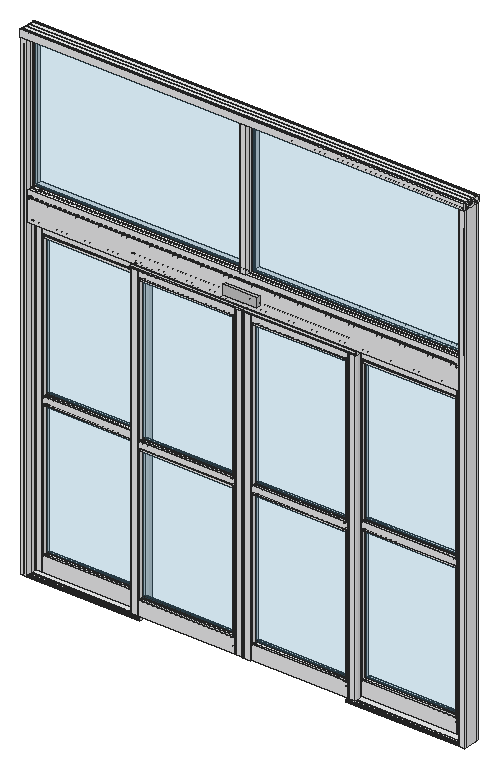
Revit family "2-6-11_Sliding-Door_TX9300SL_Bipart-Inside-Slide-w-Transom-SO-SX-SX-SO_Tormax", category Doors, host Wall, Revit 2026 (continued)
Definition of nested family "Door-Sliding-Tormax-Panel-SX_2.6"
  Automatic sketch dimensions
    Sweep 4 sketch curve to Sweep 4 sketch curve = 0' - 0"  (x5)
    Sweep 4 sketch curve to Sweep 4 sketch curve = 0' - 0.01301"  (x2)
    plane 1 "Center (Front/Back)" to Sweep 4 sketch curve = 0' - 0.6157"
    Sweep 4 sketch curve to Sweep 4 sketch curve = 0' - 0.04373"  (x2)
    Sweep 4 sketch curve to Sweep 4 sketch curve = 0' - 0.06431"  (x2)
    Sweep 4 sketch curve to Sweep 4 sketch curve = 0' - 0.05599"
    Sweep 4 sketch curve to Sweep 4 sketch curve = 0' - 0.05"  (x8)
    Sweep 4 sketch curve to Sweep 4 sketch curve = 0' - 0.13079"  (x2)
    Sweep 4 sketch curve to Sweep 4 sketch curve = 0' - 0.1438"  (x2)
    Sweep 4 sketch curve to Sweep 4 sketch curve = 0' - 0.0339"  (x2)
    Sweep 4 sketch curve to Sweep 4 sketch curve = 0' - 0.05017"  (x2)
    plane 1 "Center (Front/Back)" to Sweep 4 sketch curve = 0' - 0.49166"
    Sweep 4 sketch curve to Sweep 4 sketch curve = 0' - 0.12404"  (x2)
    Sweep 4 sketch curve to Sweep 4 sketch curve = 0' - 0.06616"  (x2)
    Sweep 4 sketch curve to Sweep 4 sketch curve = 0' - 0.08665"  (x3)
    Sweep 4 sketch curve to Sweep 4 sketch curve = 0' - 0.00586"  (x2)
    Sweep 4 sketch curve to Sweep 4 sketch curve = 0' - 0.0682"  (x2)
    Sweep 4 sketch curve to Sweep 4 sketch curve = 0' - 0.11234"
    Sweep 4 sketch curve to Sweep 4 sketch curve = 0' - 0.09942"  (x4)
    Sweep 4 sketch curve to Sweep 4 sketch curve = 0' - 0.04966"  (x4)
    Sweep 4 sketch curve to plane 1 "Center (Front/Back)" = 0' - 0.12483"
    Sweep 4 sketch curve to Sweep 4 sketch curve = 0' - 0.00209"  (x2)
    Sweep 4 sketch curve to Sweep 4 sketch curve = 0' - 0.03487"  (x4)
    plane 1 "Center (Front/Back)" to Sweep 4 sketch curve = 0' - 0.20955"  (x2)
    plane 1 "Center (Front/Back)" to Sweep 4 sketch curve = 0' - 0.07259"  (x2)
    Sweep 4 sketch curve to Sweep 4 sketch curve = 0' - 0.0719"  (x4)
    Sweep 4 sketch curve to plane 1 "Center (Front/Back)" = 0' - 0.07259"  (x2)
    Sweep 4 sketch curve to plane 1 "Center (Front/Back)" = 0' - 0.09459"  (x2)
    Sweep 4 sketch curve to Sweep 4 sketch curve = 0' - 0.02199"  (x4)
    plane 1 "Center (Front/Back)" to Sweep 4 sketch curve = 0' - 0.09459"  (x2)
    Sweep 4 sketch curve to Sweep 4 sketch curve = 0' - 0.06113"
    Sweep 4 sketch curve to plane 1 "Center (Front/Back)" = 0' - 0.20955"
    plane 1 "Center (Front/Back)" to Sweep 4 sketch curve = 0' - 0.12483"
    Sweep 4 sketch curve to Sweep 4 sketch curve = 0' - 0.06234"
    Sweep 4 sketch curve to Sweep 4 sketch curve = 0' - 0.03026"
    Sweep 4 sketch curve to Sweep 4 sketch curve = 0' - 0.14248"
    Sweep 4 sketch curve to Sweep 4 sketch curve = 0' - 0.09251"
    Sweep 4 sketch curve to Sweep 4 sketch curve = 0' - 0.13361"
    Sweep 4 sketch curve to plane 1 "Center (Front/Back)" = 0' - 0.25955"
    Sweep 4 sketch curve to Sweep 4 sketch curve = 0' - 0.11958"
    Sweep 4 sketch curve to Sweep 4 sketch curve = 0' - 0.14365"
    Sweep 4 sketch curve to Sweep 4 sketch curve = 0' - 0.19365"  (x3)
    Sweep 4 sketch curve to Sweep 4 sketch curve = 0' - 0.25378"  (x2)
    Sweep 4 sketch curve to Sweep 4 sketch curve = 0' - 0.4219"  (x2)
    Sweep 4 sketch curve to Sweep 4 sketch curve = 0' - 0.04971"  (x4)
    Sweep 4 sketch curve to Sweep 4 sketch curve = 0' - 0.08472"  (x5)
    Sweep 4 sketch curve to Sweep 4 sketch curve = 0' - 0.05012"  (x4)
    Sweep 4 sketch curve to Sweep 4 sketch curve = 0' - 0.06945"
    Sweep 4 sketch curve to Sweep 4 sketch curve = 0' - 0.06958"  (x2)
    plane 1 "Center (Front/Back)" to Sweep 4 sketch curve = 0' - 0.13997"  (x2)
    Sweep 4 sketch curve to Sweep 4 sketch curve = 0' - 0.04722"
    Sweep 4 sketch curve to Sweep 4 sketch curve = 0' - 0.02777"
    Sweep 4 sketch curve to Sweep 4 sketch curve = 0' - 0.04144"  (x2)
    Sweep 4 sketch curve to Sweep 4 sketch curve = 0' - 0.08847"
    Sweep 4 sketch curve to Sweep 4 sketch curve = 0' - 0.0904"  (x2)
    Sweep 4 sketch curve to Sweep 4 sketch curve = 0' - 0.04991"  (x2)
    Sweep 4 sketch curve to Sweep 4 sketch curve = 0' - 0.01286"  (x2)
    Sweep 4 sketch curve to Sweep 4 sketch curve = 0' - 0.06296"  (x2)
    Sweep 4 sketch curve to Sweep 4 sketch curve = 0' - 0.09922"  (x2)
    Sweep 4 sketch curve to Sweep 4 sketch curve = 0' - 0.08367"  (x2)
    Sweep 7 sketch curve to plane 3 "Center (Left/Right)" = 0' - 0"
    plane 1 "Center (Front/Back)" to Sweep 7 sketch curve = 0' - 0.1901"
    Sweep 7 sketch curve to Sweep 7 sketch curve = 0' - 0"  (x6)
    Sweep 7 sketch curve to Sweep 7 sketch curve = 0' - 0.00628"
    Sweep 7 sketch curve to Sweep 7 sketch curve = 0' - 0.05"  (x8)
    Sweep 7 sketch curve to Sweep 7 sketch curve = 0' - 0.05599"
    Sweep 7 sketch curve to Sweep 7 sketch curve = 0' - 0.13079"  (x2)
    Sweep 7 sketch curve to Sweep 7 sketch curve = 0' - 0.1438"  (x2)
    Sweep 7 sketch curve to Sweep 7 sketch curve = 0' - 0.06431"  (x2)
    Sweep 7 sketch curve to Sweep 7 sketch curve = 0' - 0.04373"  (x2)
    Sweep 7 sketch curve to Sweep 7 sketch curve = 0' - 0.0339"  (x2)
    Sweep 7 sketch curve to Sweep 7 sketch curve = 0' - 0.05017"  (x2)
    plane 1 "Center (Front/Back)" to Sweep 7 sketch curve = 0' - 0.49166"
    Sweep 7 sketch curve to Sweep 7 sketch curve = 0' - 0.12404"  (x3)
    Sweep 7 sketch curve to Sweep 7 sketch curve = 0' - 0.06616"  (x2)
    Sweep 7 sketch curve to Sweep 7 sketch curve = 0' - 0.08665"  (x3)
    Sweep 7 sketch curve to Sweep 7 sketch curve = 0' - 0.00586"  (x2)
    Sweep 7 sketch curve to Sweep 7 sketch curve = 0' - 0.0682"  (x2)
    Sweep 7 sketch curve to Sweep 7 sketch curve = 0' - 0.11234"
    Sweep 7 sketch curve to Sweep 7 sketch curve = 0' - 0.09942"  (x4)
    Sweep 7 sketch curve to Sweep 7 sketch curve = 0' - 0.04966"  (x4)
    Sweep 7 sketch curve to plane 1 "Center (Front/Back)" = 0' - 0.12483"
    Sweep 7 sketch curve to Sweep 7 sketch curve = 0' - 0.00209"  (x2)
    Sweep 7 sketch curve to Sweep 7 sketch curve = 0' - 0.03487"  (x4)
    plane 1 "Center (Front/Back)" to Sweep 7 sketch curve = 0' - 0.20955"  (x2)
    plane 1 "Center (Front/Back)" to Sweep 7 sketch curve = 0' - 0.07259"  (x2)
    Sweep 7 sketch curve to Sweep 7 sketch curve = 0' - 0.0719"  (x4)
    Sweep 7 sketch curve to plane 1 "Center (Front/Back)" = 0' - 0.07259"  (x2)
    Sweep 7 sketch curve to plane 1 "Center (Front/Back)" = 0' - 0.09459"  (x2)
    Sweep 7 sketch curve to Sweep 7 sketch curve = 0' - 0.02199"  (x4)
    plane 1 "Center (Front/Back)" to Sweep 7 sketch curve = 0' - 0.09459"  (x2)
    Sweep 7 sketch curve to plane 1 "Center (Front/Back)" = 0' - 0.20955"
    Sweep 7 sketch curve to Sweep 7 sketch curve = 0' - 0.06113"
    plane 1 "Center (Front/Back)" to Sweep 7 sketch curve = 0' - 0.12483"
    Sweep 7 sketch curve to Sweep 7 sketch curve = 0' - 0.06234"
    Sweep 7 sketch curve to Sweep 7 sketch curve = 0' - 0.03026"
    Sweep 7 sketch curve to Sweep 7 sketch curve = 0' - 0.14248"
    Sweep 7 sketch curve to Sweep 7 sketch curve = 0' - 0.09251"
    Sweep 7 sketch curve to Sweep 7 sketch curve = 0' - 0.01301"
    Sweep 7 sketch curve to Sweep 7 sketch curve = 0' - 0.13361"
    Sweep 7 sketch curve to plane 1 "Center (Front/Back)" = 0' - 0.25955"  (x2)
    Sweep 7 sketch curve to Sweep 7 sketch curve = 0' - 0.14365"
    Sweep 7 sketch curve to Sweep 7 sketch curve = 0' - 0.19365"  (x3)
    Sweep 7 sketch curve to Sweep 7 sketch curve = 0' - 0.25378"  (x2)
    Sweep 7 sketch curve to Sweep 7 sketch curve = 0' - 0.4219"  (x2)
    Sweep 7 sketch curve to Sweep 7 sketch curve = 0' - 0.04971"  (x4)
    Sweep 7 sketch curve to Sweep 7 sketch curve = 0' - 0.08472"  (x5)
    Sweep 7 sketch curve to Sweep 7 sketch curve = 0' - 0.06945"  (x2)
    Sweep 7 sketch curve to Sweep 7 sketch curve = 0' - 0.05012"  (x4)
    Sweep 7 sketch curve to Sweep 7 sketch curve = 0' - 0.06958"  (x2)
    plane 1 "Center (Front/Back)" to Sweep 7 sketch curve = 0' - 0.13997"
    Sweep 7 sketch curve to Sweep 7 sketch curve = 0' - 0.04722"
    Sweep 7 sketch curve to Sweep 7 sketch curve = 0' - 0.02777"
    Sweep 7 sketch curve to Sweep 7 sketch curve = 0' - 0.04144"  (x2)
    Sweep 7 sketch curve to Sweep 7 sketch curve = 0' - 0.08847"
    Sweep 7 sketch curve to Sweep 7 sketch curve = 0' - 0.0904"  (x2)
    Sweep 7 sketch curve to Sweep 7 sketch curve = 0' - 0.04991"  (x2)
    Sweep 7 sketch curve to Sweep 7 sketch curve = 0' - 0.01286"  (x2)
    Sweep 7 sketch curve to Sweep 7 sketch curve = 0' - 0.06296"  (x2)
    Sweep 7 sketch curve to Sweep 7 sketch curve = 0' - 0.09922"  (x2)
    Sweep 7 sketch curve to Sweep 7 sketch curve = 0' - 0.08367"  (x2)
    Extrusion 8 sketch curve to plane 7 = 0' - 0"
    plane 6 to Extrusion 8 sketch curve = 0' - 0"
    plane 12 to Extrusion 8 sketch curve = 0' - 0.29207"
    plane 13 to Extrusion 8 sketch curve = 0' - 0.29207"
    Sweep 3 sketch curve to Sweep 3 sketch curve = 0' - 0"  (x9)
    plane 1 "Center (Front/Back)" to Sweep 3 sketch curve = 0' - 0"
    Sweep 3 sketch curve to Sweep 3 sketch curve = 0' - 0.09725"
    Sweep 3 sketch curve to Sweep 3 sketch curve = 0' - 0.09783"  (x2)
    Sweep 3 sketch curve to Sweep 3 sketch curve = 0' - 0.05875"
    Sweep 3 sketch curve to Sweep 3 sketch curve = 0' - 0 1/8"
    Sweep 3 sketch curve to profile plane = 0' - 0.33606"
    Sweep 3 sketch curve to Sweep 3 sketch curve = 0' - 0.05805"
    Sweep 3 sketch curve to profile plane = 0' - 0.25342"
    Sweep 3 sketch curve to Sweep 3 sketch curve = 0' - 0.00312"
    Sweep 3 sketch curve to Sweep 3 sketch curve = 0' - 0.07719"  (x2)
    Sweep 3 sketch curve to Sweep 3 sketch curve = 0' - 0.06839"
    Sweep 3 sketch curve to Sweep 3 sketch curve = 0' - 0.01995"  (x2)
    Sweep 3 sketch curve to Sweep 3 sketch curve = 0' - 0.03503"  (x2)
    Sweep 3 sketch curve to Sweep 3 sketch curve = 0' - 0.05764"  (x2)
    Sweep 3 sketch curve to Sweep 3 sketch curve = 0' - 0.05533"
    Sweep 3 sketch curve to Sweep 3 sketch curve = 0' - 0.07528"  (x2)
    Sweep 3 sketch curve to Sweep 3 sketch curve = 0' - 0.07175"  (x2)
    Sweep 3 sketch curve to profile plane = 0' - 0.05562"  (x2)
    Sweep 3 sketch curve to plane 1 "Center (Front/Back)" = 0' - 0.18239"
    Sweep 3 sketch curve to Sweep 3 sketch curve = 0' - 0.19693"  (x2)
    Sweep 3 sketch curve to Sweep 3 sketch curve = 0' - 0.07617"  (x2)
    Sweep 3 sketch curve to Sweep 3 sketch curve = 0' - 0.01817"  (x2)
    Sweep 3 sketch curve to Sweep 3 sketch curve = 0' - 0.01512"
    Sweep 3 sketch curve to Sweep 3 sketch curve = 0' - 0.05648"
    Sweep 3 sketch curve to Sweep 3 sketch curve = 0' - 0.02003"  (x2)
    plane 1 "Center (Front/Back)" to Sweep 3 sketch curve = 0' - 0.18239"
    Sweep 3 sketch curve to Sweep 3 sketch curve = 0' - 0.05615"
    Sweep 3 sketch curve to Sweep 3 sketch curve = 0' - 0.07564"
    Sweep 3 sketch curve to Sweep 3 sketch curve = 0' - 0.14517"
    Sweep 3 sketch curve to Sweep 3 sketch curve = 0' - 0.05815"
    Sweep 3 sketch curve to Sweep 3 sketch curve = 0' - 0.10029"
    Sweep 3 sketch curve to profile plane = 0' - 0.10913"
    Sweep 3 sketch curve to profile plane = 0' - 0.10975"
    Sweep 3 sketch curve to Sweep 3 sketch curve = 0' - 0.07408"
    Sweep 1 sketch curve to Sweep 1 sketch curve = 0' - 0"  (x4)
    plane 1 "Center (Front/Back)" to Sweep 1 sketch curve = 0' - 0"
    Sweep 1 sketch curve to plane 1 "Center (Front/Back)" = 0' - 0.77559"
    Sweep 1 sketch curve to Sweep 1 sketch curve = 0' - 0.11639"  (x2)
    Sweep 1 sketch curve to Sweep 1 sketch curve = 0' - 0.03961"
    Sweep 1 sketch curve to Sweep 1 sketch curve = 0' - 0 1/8"
    profile plane to Sweep 1 sketch curve = 0' - 0 1/4"
    profile plane to Sweep 1 sketch curve = 0' - 0.22824"
    profile plane to Sweep 1 sketch curve = 0' - 0.14081"
    Sweep 1 sketch curve to Sweep 1 sketch curve = 0' - 0.11893"  (x2)
    Sweep 1 sketch curve to Sweep 1 sketch curve = 0' - 0.01059"
    Sweep 1 sketch curve to Sweep 1 sketch curve = 0' - 0.0672"  (x2)
    Sweep 1 sketch curve to Sweep 1 sketch curve = 0' - 0.20161"
    Sweep 1 sketch curve to Sweep 1 sketch curve = 0' - 0.05661"
    Sweep 1 sketch curve to Sweep 1 sketch curve = 0' - 0.02176"
    plane 1 "Center (Front/Back)" to Sweep 1 sketch curve = 0' - 0.18701"
    Sweep 2 sketch curve to Sweep 2 sketch curve = 0' - 0.19782"
    Sweep 2 sketch curve to Sweep 2 sketch curve = 0' - 0.57201"
    Sweep 2 sketch curve to Sweep 2 sketch curve = 0' - 0.03645"
    Sweep 2 sketch curve to Sweep 2 sketch curve = 0' - 0.32492"
    Sweep 2 sketch curve to Sweep 2 sketch curve = 0' - 0.46727"
    Sweep 2 sketch curve to Sweep 2 sketch curve = 0' - 0 1/8"  (x4)
    Sweep 2 sketch curve to Sweep 2 sketch curve = 0' - 0.25063"  (x4)
    Sweep 2 sketch curve to Sweep 2 sketch curve = 0' - 0.44876"  (x2)
    Sweep 2 sketch curve to Sweep 2 sketch curve = 0' - 0.13262"  (x2)
    Sweep 2 sketch curve to Sweep 2 sketch curve = 0' - 0.25159"  (x2)
    Sweep 2 sketch curve to Sweep 2 sketch curve = 0' - 0.45154"  (x2)
    Sweep 2 sketch curve to Sweep 2 sketch curve = 0' - 0.24666"
    Sweep 2 sketch curve to Sweep 2 sketch curve = 0' - 0.12615"  (x2)
    plane 1 "Center (Front/Back)" to Sweep 2 sketch curve = 0' - 0.77066"
    Sweep 2 sketch curve to Sweep 2 sketch curve = 0' - 0.04797"  (x3)
    Sweep 2 sketch curve to plane 1 "Center (Front/Back)" = 0' - 0.77066"  (x2)
    plane 1 "Center (Front/Back)" to Sweep 2 sketch curve = 0' - 0.70777"
    Sweep 2 sketch curve to Sweep 2 sketch curve = 0' - 1 3/4"
    Sweep 2 sketch curve to Sweep 2 sketch curve = 0' - 0"  (x4)
    Sweep 2 sketch curve to Sweep 2 sketch curve = 0' - 0.1095"  (x2)
    Sweep 2 sketch curve to Sweep 2 sketch curve = 0' - 0.0465"  (x3)
    Sweep 2 sketch curve to Sweep 2 sketch curve = 0' - 0.24941"  (x2)
    Sweep 2 sketch curve to Sweep 2 sketch curve = 0' - 0.44928"  (x2)
    Sweep 2 sketch curve to Sweep 2 sketch curve = 0' - 0.25131"  (x2)
    Sweep 2 sketch curve to Sweep 2 sketch curve = 0' - 0.213"
    Sweep 2 sketch curve to Sweep 2 sketch curve = 0' - 0.156"
    Sweep 2 sketch curve to Sweep 2 sketch curve = 0' - 0.10643"  (x2)
    Sweep 2 sketch curve to Sweep 2 sketch curve = 0' - 0.25057"  (x2)
    Sweep 2 sketch curve to Sweep 2 sketch curve = 0' - 0.44958"  (x2)
    Sweep 2 sketch curve to Sweep 2 sketch curve = 0' - 0.24964"
    Sweep 2 sketch curve to Sweep 2 sketch curve = 0' - 0.21366"
    Sweep 2 sketch curve to plane 1 "Center (Front/Back)" = 0' - 0.77147"
    Sweep 2 sketch curve to Sweep 2 sketch curve = 0' - 0.04531"
    Sweep 2 sketch curve to Sweep 2 sketch curve = 0' - 0.04603"
    Sweep 2 sketch curve to Sweep 2 sketch curve = 0' - 0.11069"
    plane 1 "Center (Front/Back)" to Sweep 2 sketch curve = 0' - 0.70798"
    Sweep 2 sketch curve to Sweep 2 sketch curve = 0' - 0.10997"
    Sweep 2 sketch curve to Sweep 2 sketch curve = 0' - 0.10425"
    Sweep 2 sketch curve to plane 1 "Center (Front/Back)" = 0' - 0.8749"
    Sweep 2 sketch curve to plane 1 "Center (Front/Back)" = 0' - 0 7/8"
    Sweep 2 sketch curve to Sweep 2 sketch curve = 0' - 0.10401"  (x3)
    Sweep 2 sketch curve to Sweep 2 sketch curve = 0' - 0.01099"
    Sweep 2 sketch curve to Sweep 2 sketch curve = 0' - 0.01086"
    Sweep 2 sketch curve to plane 1 "Center (Front/Back)" = 0' - 0.75305"
    Sweep 2 sketch curve to Sweep 2 sketch curve = 0' - 0.00306"
    Sweep 2 sketch curve to Sweep 2 sketch curve = 0' - 0.1251"
    Sweep 2 sketch curve to Sweep 2 sketch curve = 0' - 0.031"  (x6)
    Sweep 2 sketch curve to Sweep 2 sketch curve = 0' - 0.05146"  (x2)
    Sweep 2 sketch curve to Sweep 2 sketch curve = 0' - 0.03386"  (x2)
    Sweep 2 sketch curve to Sweep 2 sketch curve = 0' - 0.03119"  (x2)
    Sweep 2 sketch curve to Sweep 2 sketch curve = 0' - 0.00039"
    Sweep 2 sketch curve to Sweep 2 sketch curve = 0' - 0.06145"  (x4)
    Sweep 2 sketch curve to Sweep 2 sketch curve = 0' - 0.06322"  (x4)
    Sweep 2 sketch curve to Sweep 2 sketch curve = 0' - 0.06391"
    Sweep 2 sketch curve to Sweep 2 sketch curve = 0' - 0.21"  (x3)
    Sweep 2 sketch curve to Sweep 2 sketch curve = 0' - 0.25268"
    plane 1 "Center (Front/Back)" to Sweep 2 sketch curve = 0' - 0 109/256"
    plane 1 "Center (Front/Back)" to Sweep 2 sketch curve = 0' - 0.51879"
    plane 1 "Center (Front/Back)" to Sweep 2 sketch curve = 0' - 0.519"
    Sweep 2 sketch curve to Sweep 2 sketch curve = 0' - 0.1"
    plane 1 "Center (Front/Back)" to Sweep 2 sketch curve = 0' - 0.5938"
    Sweep 2 sketch curve to Sweep 2 sketch curve = 0' - 0.18877"
    plane 1 "Center (Front/Back)" to Sweep 2 sketch curve = 0' - 0.70921"
    Sweep 2 sketch curve to Sweep 2 sketch curve = 0' - 0.12539"
    Sweep 2 sketch curve to Sweep 2 sketch curve = 0' - 0.03141"
    Sweep 2 sketch curve to Sweep 2 sketch curve = 0' - 0.239"
    Sweep 2 sketch curve to Sweep 2 sketch curve = 0' - 0.06349"
    Sweep 2 sketch curve to Sweep 2 sketch curve = 0' - 0.10343"
    Sweep 2 sketch curve to Sweep 2 sketch curve = 0' - 0.1101"
    plane 1 "Center (Front/Back)" to Sweep 6 sketch curve = 0' - 0.13997"  (x4)
    Sweep 6 sketch curve to Sweep 6 sketch curve = 0' - 0.512"
    Sweep 6 sketch curve to Sweep 6 sketch curve = 0' - 0"  (x9)
    Sweep 6 sketch curve to Sweep 6 sketch curve = 0' - 0.01301"  (x4)
    Sweep 6 sketch curve to plane 1 "Center (Front/Back)" = 0' - 0.6157"  (x2)
    Sweep 6 sketch curve to Sweep 6 sketch curve = 0' - 0.04373"  (x4)
    Sweep 6 sketch curve to Sweep 6 sketch curve = 0' - 0.06431"  (x4)
    Sweep 6 sketch curve to Sweep 6 sketch curve = 0' - 0.09972"
    Sweep 6 sketch curve to Sweep 6 sketch curve = 0' - 0.05"  (x19)
    Sweep 6 sketch curve to Sweep 6 sketch curve = 0' - 0.13079"  (x4)
    Sweep 6 sketch curve to Sweep 6 sketch curve = 0' - 0.1438"  (x4)
    Sweep 6 sketch curve to Sweep 6 sketch curve = 0' - 0.0339"  (x4)
    Sweep 6 sketch curve to Sweep 6 sketch curve = 0' - 0.05017"  (x4)
    Sweep 6 sketch curve to Sweep 6 sketch curve = 0' - 0.09251"
    Sweep 6 sketch curve to Sweep 6 sketch curve = 0' - 0.06616"  (x2)
    Sweep 6 sketch curve to Sweep 6 sketch curve = 0' - 0.08665"  (x4)
    Sweep 6 sketch curve to Sweep 6 sketch curve = 0' - 0.04414"  (x2)
    Sweep 6 sketch curve to plane 1 "Center (Front/Back)" = 0' - 0.58206"  (x2)
    Sweep 6 sketch curve to Sweep 6 sketch curve = 0' - 0.11234"  (x2)
    Sweep 6 sketch curve to Sweep 6 sketch curve = 0' - 0.0682"  (x4)
    Sweep 6 sketch curve to Sweep 6 sketch curve = 0' - 0.09942"  (x8)
    Sweep 6 sketch curve to Sweep 6 sketch curve = 0' - 0.04966"  (x8)
    plane 1 "Center (Front/Back)" to Sweep 6 sketch curve = 0' - 0.12483"  (x3)
    Sweep 6 sketch curve to Sweep 6 sketch curve = 0' - 0.00209"  (x8)
    Sweep 6 sketch curve to Sweep 6 sketch curve = 0' - 0.03487"  (x8)
    Sweep 6 sketch curve to plane 1 "Center (Front/Back)" = 0' - 0.20955"
    Sweep 6 sketch curve to plane 1 "Center (Front/Back)" = 0' - 0.07259"  (x4)
    Sweep 6 sketch curve to Sweep 6 sketch curve = 0' - 0.0719"  (x4)
    plane 1 "Center (Front/Back)" to Sweep 6 sketch curve = 0' - 0.07259"  (x4)
    Sweep 6 sketch curve to plane 1 "Center (Front/Back)" = 0' - 0.09459"  (x4)
    Sweep 6 sketch curve to Sweep 6 sketch curve = 0' - 0.02199"  (x8)
    plane 1 "Center (Front/Back)" to Sweep 6 sketch curve = 0' - 0.09459"  (x4)
    Sweep 6 sketch curve to Sweep 6 sketch curve = 0' - 0.09599"  (x4)
    Sweep 6 sketch curve to Sweep 6 sketch curve = 0' - 0.20772"  (x4)
    Sweep 6 sketch curve to Sweep 6 sketch curve = 0' - 0.13031"  (x2)
    Sweep 6 sketch curve to Sweep 6 sketch curve = 0' - 0.00586"  (x3)
    Sweep 6 sketch curve to Sweep 6 sketch curve = 0' - 0.10006"  (x2)
    Sweep 6 sketch curve to Sweep 6 sketch curve = 0' - 0.05599"
    Sweep 6 sketch curve to Sweep 6 sketch curve = 0' - 0.156"
    Sweep 6 sketch curve to Sweep 6 sketch curve = 0' - 0.14972"
    Sweep 6 sketch curve to Sweep 6 sketch curve = 0' - 0.12404"
    plane 1 "Center (Front/Back)" to Sweep 6 sketch curve = 0' - 0.20955"  (x2)
    Sweep 6 sketch curve to plane 1 "Center (Front/Back)" = 0' - 0.49166"
    Sweep 6 sketch curve to Sweep 6 sketch curve = 0' - 0.13361"
    Sweep 6 sketch curve to Sweep 6 sketch curve = 0' - 0.04991"  (x4)
    Sweep 6 sketch curve to Sweep 6 sketch curve = 0' - 0.08355"
    Sweep 6 sketch curve to plane 1 "Center (Front/Back)" = 0' - 0.66561"
    Sweep 6 sketch curve to Sweep 6 sketch curve = 0' - 0.01286"  (x4)
    Sweep 6 sketch curve to Sweep 6 sketch curve = 0' - 0.06296"  (x4)
    Sweep 6 sketch curve to Sweep 6 sketch curve = 0' - 0.09922"  (x4)
    Sweep 6 sketch curve to Sweep 6 sketch curve = 0' - 0.08367"  (x4)
    Sweep 6 sketch curve to Sweep 6 sketch curve = 0' - 0.04971"  (x8)
    Sweep 6 sketch curve to Sweep 6 sketch curve = 0' - 0.09641"  (x2)
    Sweep 6 sketch curve to Sweep 6 sketch curve = 0' - 0.0904"  (x3)
    Sweep 6 sketch curve to Sweep 6 sketch curve = 0' - 0 79/256"  (x2)
    Sweep 6 sketch curve to Sweep 6 sketch curve = 0' - 0.19365"  (x3)
    Sweep 6 sketch curve to Sweep 6 sketch curve = 0' - 0.08847"
    Sweep 6 sketch curve to Sweep 6 sketch curve = 0' - 0.07336"  (x4)
    Sweep 6 sketch curve to Sweep 6 sketch curve = 0' - 0.01367"  (x4)
    Sweep 6 sketch curve to Sweep 6 sketch curve = 0' - 0.11496"  (x3)
    Sweep 6 sketch curve to Sweep 6 sketch curve = 0' - 0.04144"  (x4)
    Sweep 6 sketch curve to Sweep 6 sketch curve = 0' - 0.04722"  (x4)
    Sweep 6 sketch curve to Sweep 6 sketch curve = 0' - 0.05012"  (x8)
    Sweep 6 sketch curve to Sweep 6 sketch curve = 0' - 0.06958"  (x4)
    Sweep 6 sketch curve to Sweep 6 sketch curve = 0' - 0.08472"  (x9)
    Sweep 6 sketch curve to Sweep 6 sketch curve = 0' - 0.06945"
    Sweep 6 sketch curve to Sweep 6 sketch curve = 0' - 0.14365"  (x2)
    Sweep 6 sketch curve to Sweep 6 sketch curve = 0' - 0.25378"  (x4)
    Sweep 6 sketch curve to Sweep 6 sketch curve = 0' - 0.11812"  (x3)
    Sweep 6 sketch curve to Sweep 6 sketch curve = 0' - 0.4219"
    Extrusion 10 sketch curve to plane 10 = 0' - 1.047"
    curve 3 to plane 8 "EXTERIOR" = 0' - 0"
    Sweep 9 sketch curve to plane 1 "Center (Front/Back)" = 0' - 0.28267"
    Sweep 9 sketch curve to Sweep 9 sketch curve = 0' - 0.14492"
    plane 1 "Center (Front/Back)" to Sweep 9 sketch curve = 0' - 0.01297"  (x3)
    Sweep 9 sketch curve to Sweep 9 sketch curve = 0' - 0.16308"
    Sweep 9 sketch curve to Sweep 9 sketch curve = 0' - 0.11923"
    Sweep 9 sketch curve to Sweep 9 sketch curve = 0' - 0 1/8"
    Sweep 9 sketch curve to Sweep 9 sketch curve = 0' - 0.00577"
    plane 1 "Center (Front/Back)" to Sweep 9 sketch curve = 0' - 0.253"
    Sweep 9 sketch curve to Sweep 9 sketch curve = 0' - 0.22"
    Sweep 9 sketch curve to Sweep 9 sketch curve = 0' - 0.075"
    plane 1 "Center (Front/Back)" to Sweep 9 sketch curve = 0' - 0.25306"
    Sweep 9 sketch curve to Sweep 9 sketch curve = 0' - 0"
    Sweep 9 sketch curve to Sweep 9 sketch curve = 0' - 0.065"
    Sweep 9 sketch curve to Sweep 9 sketch curve = 0' - 0.12"
    profile plane to Sweep 9 sketch curve = 0' - 0.37001"
    Sweep 9 sketch curve to Sweep 9 sketch curve = 0' - 0.09287"
    Sweep 9 sketch curve to Sweep 9 sketch curve = 0' - 0.04941"
    Sweep 9 sketch curve to Sweep 9 sketch curve = 0' - 0.17429"
    Sweep 9 sketch curve to Sweep 9 sketch curve = 0' - 0.04713"
    Sweep 9 sketch curve to Sweep 9 sketch curve = 0' - 0.17797"
    Sweep 9 sketch curve to Sweep 9 sketch curve = 0' - 0.07848"
    Sweep 9 sketch curve to Sweep 9 sketch curve = 0' - 0.60594"
    Sweep 9 sketch curve to Sweep 9 sketch curve = 0' - 0.02777"
    curve 1 to plane 11 = 0' - 0"
    radius of Extrusion 10 sketch curve = 0' - 0.69"
Types (3): name | Width | Rough Width | Door Width | Description
  10'-0" Package Width | 10' - 0" | 10' - 0 1/2" | 2' - 6 3/8" | "Bipart Inside Slide Application w/ Transom (SO-SX-SX-SO), 10'-0\" Package Width"
  12'-0" Package Width | 12' - 0" | 12' - 0 1/2" | 3' - 0 3/8" | "Bipart Inside Slide Application w/ Transom (SO-SX-SX-SO), 12'-0\" Package Width"
  14'-0" Package Width | 14' - 0" | 14' - 0 1/2" | 3' - 6 3/8" | "Bipart Inside Slide Application w/ Transom (SO-SX-SX-SO), 14'-0\" Package Width"
